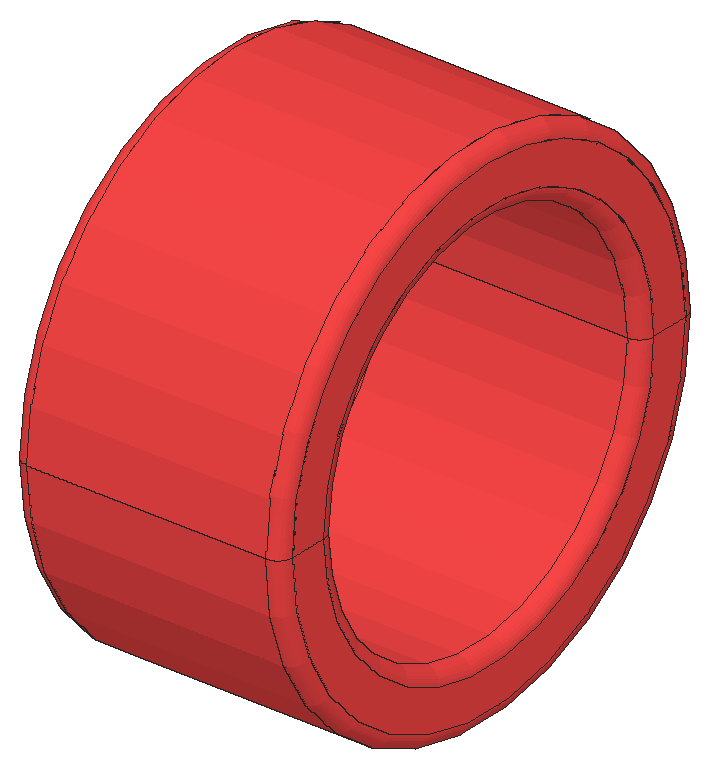
Revit family "Aquatherm_Муфта", category Соединительные детали трубопроводов, Revit 2019
Family settings
  Размер круглого соединителя = Использовать диаметр
  Тип детали = Соединение
  На основе рабочей плоскости = Нет
  Всегда вертикально = Да
  При загрузке вырезать с полостями = Нет
  Общий = Нет
Parameters
  Материал_Корпус = AquaTherm red pipe
  z [instance] = size_lookup("Муфта", "z", 5 mm, DN)  # 1.5 mm
  URL = "www.agpipe.ru"
  D [instance] = size_lookup("Муфта", "D", DN + 8 mm, DN)  # 34 mm
  l [instance] = size_lookup("Муфта", "l", 20 mm, DN)  # 17.5 mm
  DN [instance] = 25 mm
  ADSK_Примечание = ""
  ADSK_Позиция [instance] = ""
  ADSK_Обозначение = ""
  ADSK_Наименование [instance] = size_lookup("Муфта", "ADSK_Наименование", "Нет в каталоге", DN)  # "Муфта/B1 DN25"
  ADSK_Масса_Текст [instance] = size_lookup("Муфта", "ADSK_Масса_Текст", "Нет в каталоге", DN)  # "0.018"
  ADSK_Код изделия [instance] = size_lookup("Муфта", "ADSK_Код изделия", "Нет в каталоге", DN)  # "4111010"
  ADSK_Завод-изготовитель = "Aquatherm"  # constant formula
  ADSK_Единица измерения = "шт."  # constant formula
Reference planes
  plane 1 "По центру (Вперед/Назад)": y = 0
  plane 2: z = 0
  plane 3 "По центру (Влево/Вправо)": x = 0
  plane 4: x = -8.75
  plane 5: x = 8.75
  plane 6: y = -12.5
  plane 7: y = 12.5
  plane 8: x = -0.75
  plane 9: x = 0.75
  plane 10: y = 17
  plane 11: y = -17
Forms (mm)
  Revolve 1, solid, material "AquaTherm red pipe" <- "Материал_Корпус"
    sketch origin (0, 0, 0) x (1, 0, 0) y (0, 1, 0)
      loop
        arc (-7.797, 17) -> (-8.471, 16.721) -> (-8.75, 16.047) r 0.953
        line (-8.75, 16.047) -> (-8.75, 13.534)
        arc (-8.75, 13.534) -> (-8.447, 12.803) -> (-7.716, 12.5) r 1.034
        line (-7.716, 12.5) -> (7.79, 12.5)
        arc (7.79, 12.5) -> (8.469, 12.781) -> (8.75, 13.46) r 0.96
        line (8.75, 13.46) -> (8.75, 16.034)
        arc (8.75, 16.034) -> (8.467, 16.717) -> (7.784, 17) r 0.966
        line (7.784, 17) -> (-7.797, 17)
      axis (-8.75, 0) -> (8.75, 0)
    angle from 0 to 360
Lines and regions (mm)
  reference lines
    curve 1: line (-0.75, 0, 0) -> (0.75, 0, 0)
Dimensions and locks
  equal spacing: plane 4, plane 3 "По центру (Влево/Вправо)", plane 5
  "l": plane 4 to plane 5
  equal spacing: plane 6, plane 1 "По центру (Вперед/Назад)", plane 7
  "DN": plane 6 to plane 7
  equal spacing: plane 8, plane 3 "По центру (Влево/Вправо)", plane 9
  "z": plane 8 to plane 9
  equal spacing: plane 11, plane 1 "По центру (Вперед/Назад)", plane 10
  "D": plane 11 to plane 10
  aligned and locked: level to plane 2
  aligned and locked: Revolve 1 sketch curve to plane 10
  aligned and locked: plane 4 to Revolve 1 sketch curve
  aligned and locked: plane 7 to Revolve 1 sketch curve
  aligned and locked: Revolve 1 sketch curve to plane 5
  aligned and locked: plane 1 "По центру (Вперед/Назад)" to Revolve 1 sketch curve
  aligned and locked: plane 8 to curve 1
  aligned and locked: plane 9 to curve 1
Automatic sketch dimensions
  plane 1 "По центру (Вперед/Назад)" to curve 1 = 0 mm
  Revolve 1 sketch curve to plane 4 = 0 mm
  Revolve 1 sketch curve to plane 5 = 0 mm
  plane 4 to Revolve 1 sketch curve = 0.953 mm
  plane 4 to Revolve 1 sketch curve = 1.034 mm
  Revolve 1 sketch curve to plane 5 = 0.966 mm
  Revolve 1 sketch curve to plane 5 = 0.96 mm
Connectors
  piping at (-0.75, 0, 0), diameter 25, driven by "DN"
    settings: on curve 1, index 1, connector inside diameter 609.6 mm, connector length 0 mm, flow factor 0, pipe flow 0.0 L/s, pressure drop 0.0 Pa, fitting loss kfactor 0, connector angle 0.00°, fixture units 0, engagement length 0 mm, angle of deflection 0.00°, flow configuration 0, flow direction 0, fitting loss method 0, system type 28, joint type 0, gender type 0, connector reference index 2, connector utility 0, adjustable connector no, is connector primary yes, connector description ""
  piping at (0.75, 0, 0), diameter 25, driven by "DN"
    settings: on curve 1, index 2, connector inside diameter 609.6 mm, connector length 0 mm, flow factor 0, pipe flow 0.0 L/s, pressure drop 0.0 Pa, fitting loss kfactor 0, connector angle 0.00°, fixture units 0, engagement length 0 mm, angle of deflection 0.00°, flow configuration 0, flow direction 0, fitting loss method 0, system type 28, joint type 0, gender type 0, connector reference index 1, connector utility 0, adjustable connector no, is connector primary no, connector description ""
